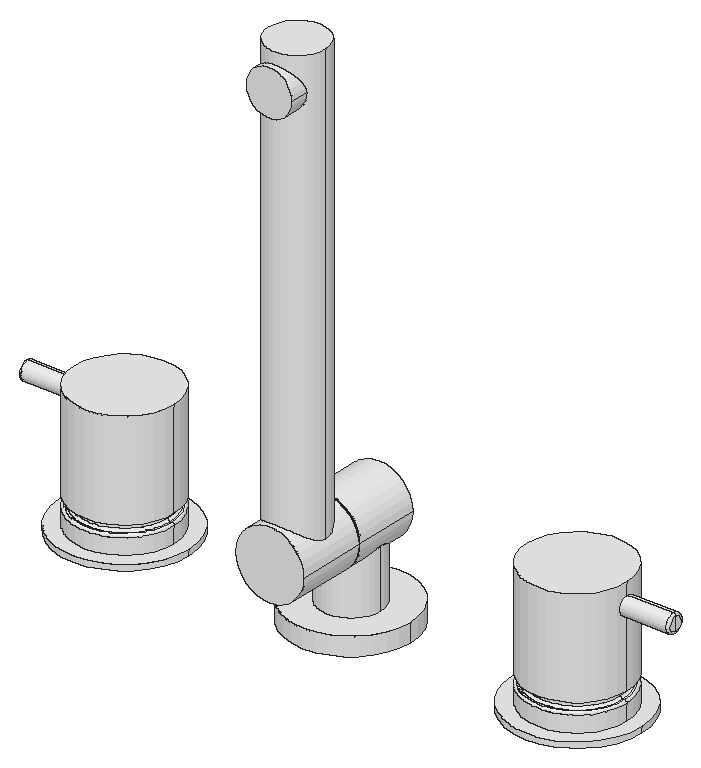
Revit family "Coolibah-contemporary-lever-laundry-set-90331C4A", category Plumbing Fixtures, host Face, Revit 2015
Parameters (values of type "Coolibah-contemporary-lever-laundry-set-90331C4A")
  Waste Connection = no
  Vent Connection = no
  URL = "https://www.caroma.com.au/"
  Model = "90331C4A"
  Material_Base = GWA_Metal-Chrome
  Manufacturer = "GWA Bathrooms & Kitchens"  # constant formula
  HW Connection = yes
  Description = "Coolibah-contemporary-lever-laundry-set"
  Default Elevation = 900 mm
  CreatedBy_ANZRS = "GWA Bathrooms & Kitchens"  # constant formula
  CW Connection = yes
  Assembly Code = "D2010710"
Reference planes
  plane 1 "Center (Front/Back)": y = 0
  plane 2: z = 0
  plane 3 "Center (Left/Right)": x = 0
  plane 4: x = -100
  plane 5: x = 100
  plane 6 "Handles": y = 0
Forms (mm)
  Revolve 1, solid, material "GWA_Metal-Chrome" <- "Material_Base"
    sketch origin (0, 0, 0) x (1, 0, 0) y (0, 0, 1)
      loop
        line (-100, 2.5) -> (-100, 14.5) -> (-119, 14.5) -> (-119, 11.5)
        arc (-119, 11.5) -> (-119.293, 10.793) -> (-120, 10.5) r 1
        line (-120, 10.5) -> (-121, 10.5)
        arc (-121, 10.5) -> (-121.707, 10.207) -> (-122, 9.5) r 1
        line (-122, 9.5) -> (-122, 2.5) -> (-100, 2.5)
      axis (-100, 14.5) -> (-100, 2.5)
    angle from 0 to 360
  Extrusion 2, solid, material "GWA_Metal-Chrome" <- "Material_Base"
    sketch origin (0, 0, 0) x (1, 0, 0) y (0, 1, 0)
      loop
        circle (-100, 0) r 22
    from 14.5 to 57.5
  Revolve 3, solid, material "GWA_Metal-Chrome" <- "Material_Base"
    sketch origin (0, 0, 5.11) x (1, 0, 0) y (0, 0, 1)
      loop
        line (-115, 47.39) -> (-142.5, 47.39)
        arc (-142.5, 47.39) -> (-143.207, 47.098) -> (-143.5, 46.39) r 1
        line (-143.5, 46.39) -> (-143.5, 43.39) -> (-115, 43.39) -> (-115, 47.39)
      axis (-115, 43.39) -> (-143.5, 43.39)
    angle from 0 to 360
  Extrusion 4, solid, material "GWA_Metal-Chrome" <- "Material_Base"
    sketch origin (-50, 0, 0) x (1, 0, 0) y (0, 1, 0)
      loop
        circle (-50, 0) r 28.5
    from 0 to 2.5
  Revolve 5, solid, material "GWA_Metal-Chrome" <- "Material_Base"
    sketch origin (0, 0, 0) x (-1, 0, 0) y (0, 0, -1)
      loop
        line (-100, -2.5) -> (-122, -2.5) -> (-122, -9.5)
        arc (-122, -9.5) -> (-121.707, -10.207) -> (-121, -10.5) r 1
        line (-121, -10.5) -> (-120, -10.5)
        arc (-120, -10.5) -> (-119.293, -10.793) -> (-119, -11.5) r 1
        line (-119, -11.5) -> (-119, -14.5) -> (-100, -14.5) -> (-100, -2.5)
      axis (-100, -14.5) -> (-100, -2.5)
    angle from 0 to 360
  Extrusion 6, solid, material "GWA_Metal-Chrome" <- "Material_Base"
    sketch origin (0, 0, 0) x (-1, 0, 0) y (0, -1, 0)
      loop
        circle (-100, 0) r 22
    from 14.5 to 57.5
  Revolve 7, solid, material "GWA_Metal-Chrome" <- "Material_Base"
    sketch origin (0, 0, 5.11) x (-1, 0, 0) y (0, 0, -1)
      loop
        line (-115, -47.39) -> (-115, -43.39) -> (-143.5, -43.39) -> (-143.5, -46.39)
        arc (-143.5, -46.39) -> (-143.207, -47.098) -> (-142.5, -47.39) r 1
        line (-142.5, -47.39) -> (-115, -47.39)
      axis (-115, -43.39) -> (-143.5, -43.39)
    angle from 0 to 360
  Extrusion 8, solid, material "GWA_Metal-Chrome" <- "Material_Base"
    sketch origin (50, 0, 0) x (-1, 0, 0) y (0, -1, 0)
      loop
        circle (-50, 0) r 28.5
    from 0 to 2.5
  Extrusion 9, solid, material "GWA_Metal-Chrome" <- "Material_Base"
    sketch origin (0, 0, 0) x (1, 0, 0) y (0, 1, 0)
      loop
        circle (0, 0) r 26.4
    from 0 to 8
  Extrusion 10, solid, material "GWA_Metal-Chrome" <- "Material_Base"
    sketch origin (0, 0, 0) x (1, 0, 0) y (0, 1, 0)
      loop
        circle (0, 0) r 13.3
    from 8 to 36.125
  Extrusion 11, solid, material "GWA_Metal-Chrome" <- "Material_Base"
    sketch origin (0, 0, 0) x (1, 0, 0) y (0, 0, 1)
      loop
        circle (0, 41) r 15
    from -15.4 to 13.6
  Extrusion 12, solid, material "GWA_Metal-Chrome" <- "Material_Base"
    sketch origin (0, 0, 0) x (1, 0, 0) y (0, 0, 1)
      loop
        circle (0, 41) r 15
    from 14.6 to 44.6
  Extrusion 13, solid, material "GWA_Metal-Chrome" <- "Material_Base"
    sketch origin (0, 0, 0) x (1, 0, 0) y (0, 0, 1)
      loop
        circle (0, 41) r 14.5
    from 13.6 to 14.6
  Extrusion 14, solid, material "GWA_Metal-Chrome" <- "Material_Base"
    sketch origin (0, 5.4, 0) x (1, 0, 0) y (0, 1, 0)
      loop
        circle (0, -35) r 12.5
    from 41 to 243
  Extrusion 15, solid, material "GWA_Metal-Chrome" <- "Material_Base"
    sketch origin (0, 0, 0) x (1, 0, 0) y (0, 0, 1)
      loop
        circle (0, 228) r 10
    from 29.6 to 45
Lines and regions (mm)
  Masking region 1
    outline origin (0, 0, 0) x (1, 0, 0) y (0, 1, 0)
      loop
        arc (15, -21.725) -> (23.377, -12.267) -> (26.4, 0) r 26.4
        arc (26.4, 0) -> (0, 26.4) -> (-26.4, 0) r 26.4
        arc (-26.4, 0) -> (-23.377, -12.267) -> (-15, -21.725) r 26.4
        line (-15, -21.725) -> (-15, -44.6) -> (15, -44.6) -> (15, -21.725)
  Masking region 2
    outline origin (0, 0, 0) x (1, 0, 0) y (0, 0, 1)
      loop
        line (-78, 57.5) -> (-122, 57.5) -> (-122, 52.5) -> (-142.5, 52.5)
        arc (-142.5, 52.5) -> (-143.207, 52.207) -> (-143.5, 51.5) r 1
        line (-143.5, 51.5) -> (-143.5, 45.5)
        arc (-143.5, 45.5) -> (-143.207, 44.793) -> (-142.5, 44.5) r 1
        line (-142.5, 44.5) -> (-122, 44.5) -> (-122, 14.5) -> (-119, 14.5) -> (-119, 11.5)
        arc (-119, 11.5) -> (-119.293, 10.793) -> (-120, 10.5) r 1
        line (-120, 10.5) -> (-121, 10.5)
        arc (-121, 10.5) -> (-121.707, 10.207) -> (-122, 9.5) r 1
        line (-122, 9.5) -> (-122, 2.5) -> (-128.5, 2.5) -> (-128.5, 0) -> (-71.5, 0) -> (-71.5, 2.5) -> (-78, 2.5) -> (-78, 9.5)
        arc (-78, 9.5) -> (-78.293, 10.207) -> (-79, 10.5) r 1
        line (-79, 10.5) -> (-80, 10.5)
        arc (-80, 10.5) -> (-80.707, 10.793) -> (-81, 11.5) r 1
        line (-81, 11.5) -> (-81, 14.5) -> (-78, 14.5) -> (-78, 57.5)
  Masking region 3
    outline origin (0, 0, 0) x (-1, 0, 0) y (0, 0, -1)
      loop
        line (-78, -57.5) -> (-78, -14.5) -> (-81, -14.5) -> (-81, -11.5)
        arc (-81, -11.5) -> (-80.707, -10.793) -> (-80, -10.5) r 1
        line (-80, -10.5) -> (-79, -10.5)
        arc (-79, -10.5) -> (-78.293, -10.207) -> (-78, -9.5) r 1
        line (-78, -9.5) -> (-78, -2.5) -> (-71.5, -2.5) -> (-71.5, 0) -> (-128.5, 0) -> (-128.5, -2.5) -> (-122, -2.5) -> (-122, -9.5)
        arc (-122, -9.5) -> (-121.707, -10.207) -> (-121, -10.5) r 1
        line (-121, -10.5) -> (-120, -10.5)
        arc (-120, -10.5) -> (-119.293, -10.793) -> (-119, -11.5) r 1
        line (-119, -11.5) -> (-119, -14.5) -> (-122, -14.5) -> (-122, -44.5) -> (-142.5, -44.5)
        arc (-142.5, -44.5) -> (-143.207, -44.793) -> (-143.5, -45.5) r 1
        line (-143.5, -45.5) -> (-143.5, -51.5)
        arc (-143.5, -51.5) -> (-143.207, -52.207) -> (-142.5, -52.5) r 1
        line (-142.5, -52.5) -> (-122, -52.5) -> (-122, -57.5) -> (-78, -57.5)
  Masking region 4
    outline origin (0, 0, 0) x (1, 0, 0) y (0, 0, 1)
      loop
        line (-26.4, 8) -> (-26.4, 0) -> (26.4, 0) -> (26.4, 8) -> (13.3, 8) -> (13.3, 34.064)
        arc (13.3, 34.064) -> (14.569, 37.429) -> (15, 41) r 15
        arc (15, 41) -> (14.361, 45.33) -> (12.5, 49.292) r 15
        line (12.5, 49.292) -> (12.5, 243) -> (-12.5, 243) -> (-12.5, 49.292)
        arc (-12.5, 49.292) -> (-14.361, 45.33) -> (-15, 41) r 15
        arc (-15, 41) -> (-14.569, 37.429) -> (-13.3, 34.064) r 15
        line (-13.3, 34.064) -> (-13.3, 8) -> (-26.4, 8)
  Masking region 5
    outline origin (0, -120.023, 0) x (0, 1, 0) y (0, 0, 1)
      loop
        line (98.023, 57.5) -> (98.023, 14.5) -> (101.023, 14.5) -> (101.023, 11.5)
        arc (101.023, 11.5) -> (100.73, 10.793) -> (100.023, 10.5) r 1
        line (100.023, 10.5) -> (99.023, 10.5)
        arc (99.023, 10.5) -> (98.316, 10.207) -> (98.023, 9.5) r 1
        line (98.023, 9.5) -> (98.023, 8) -> (93.623, 8) -> (93.623, 2.5) -> (91.523, 2.5) -> (91.523, 0) -> (148.523, 0) -> (148.523, 2.5) -> (146.423, 2.5) -> (146.423, 8) -> (142.023, 8) -> (142.023, 9.5)
        arc (142.023, 9.5) -> (141.73, 10.207) -> (141.023, 10.5) r 1
        line (141.023, 10.5) -> (140.023, 10.5)
        arc (140.023, 10.5) -> (139.316, 10.793) -> (139.023, 11.5) r 1
        line (139.023, 11.5) -> (139.023, 14.5) -> (142.023, 14.5) -> (142.023, 57.5) -> (98.023, 57.5)
  Masking region 6
    outline origin (0, 0, 0) x (0, 1, 0) y (0, 0, 1)
      loop
        line (-44.6, 26) -> (-22, 26) -> (-22, 57.5) -> (-17.1, 57.5) -> (-17.1, 243) -> (-42.1, 243) -> (-42.1, 238) -> (-45, 238) -> (-45, 218) -> (-42.1, 218) -> (-42.1, 56) -> (-44.6, 56) -> (-44.6, 26)
  Masking region 7
    outline origin (0, 0, 0) x (-1, 0, 0) y (0, 0, -1)
      loop
        line (-78, -57.5) -> (-78, -14.5) -> (-81, -14.5) -> (-81, -11.5)
        arc (-81, -11.5) -> (-80.707, -10.793) -> (-80, -10.5) r 1
        line (-80, -10.5) -> (-79, -10.5)
        arc (-79, -10.5) -> (-78.293, -10.207) -> (-78, -9.5) r 1
        line (-78, -9.5) -> (-78, -2.5) -> (-71.5, -2.5) -> (-71.5, 0) -> (-128.5, 0) -> (-128.5, -2.5) -> (-122, -2.5) -> (-122, -9.5)
        arc (-122, -9.5) -> (-121.707, -10.207) -> (-121, -10.5) r 1
        line (-121, -10.5) -> (-120, -10.5)
        arc (-120, -10.5) -> (-119.293, -10.793) -> (-119, -11.5) r 1
        line (-119, -11.5) -> (-119, -14.5) -> (-122, -14.5) -> (-122, -44.5) -> (-142.5, -44.5)
        arc (-142.5, -44.5) -> (-143.207, -44.793) -> (-143.5, -45.5) r 1
        line (-143.5, -45.5) -> (-143.5, -51.5)
        arc (-143.5, -51.5) -> (-143.207, -52.207) -> (-142.5, -52.5) r 1
        line (-142.5, -52.5) -> (-122, -52.5) -> (-122, -57.5) -> (-78, -57.5)
  Masking region 8
    outline origin (0, 0, 0) x (-1, 0, 0) y (0, -1, 0)
      loop
        line (-128.218, 4) -> (-142.5, 4)
        arc (-142.5, 4) -> (-143.207, 3.707) -> (-143.5, 3) r 1
        line (-143.5, 3) -> (-143.5, -3)
        arc (-143.5, -3) -> (-143.207, -3.707) -> (-142.5, -4) r 1
        line (-142.5, -4) -> (-128.218, -4)
        arc (-128.218, -4) -> (-71.5, 0) -> (-128.218, 4) r 28.5
  Masking region 9
    outline origin (0, 0, 0) x (1, 0, 0) y (0, 1, 0)
      loop
        arc (-128.218, -4) -> (-71.5, 0) -> (-128.218, 4) r 28.5
        line (-128.218, 4) -> (-142.5, 4)
        arc (-142.5, 4) -> (-143.207, 3.707) -> (-143.5, 3) r 1
        line (-143.5, 3) -> (-143.5, -3)
        arc (-143.5, -3) -> (-143.207, -3.707) -> (-142.5, -4) r 1
        line (-142.5, -4) -> (-128.218, -4)
  symbolic lines
    curve 1: line (-15, -44.6, 0) -> (15, -44.6, 0)
    curve 2: line (-10, -44.6, 0) -> (-10, -37.1, 0)
    curve 3: line (10, -44.6, 0) -> (10, -37.1, 0)
    curve 4: line (15, -44.6, 0) -> (15, -14.6, 0)
    curve 5: line (15, -14.6, 0) -> (-15, -14.6, 0)
    curve 6: line (-15, -14.6, 0) -> (-15, -44.6, 0)
    curve 7: line (-15, 15.4, 0) -> (15, 15.4, 0)
    curve 8: line (15, 15.4, 0) -> (15, -13.6, 0)
    curve 9: line (-15, -13.6, 0) -> (15, -13.6, 0)
    curve 10: line (-15, -13.6, 0) -> (-15, 15.4, 0)
    curve 11: line (-14.5, -13.6, 0) -> (-14.5, -14.6, 0)
    curve 12: line (14.5, -13.6, 0) -> (14.5, -14.6, 0)
    curve 13: arc (26.4, 0, 0) -> (0, 26.4, 0) -> (-26.4, 0, 0) r 26.4
    curve 14: arc (-26.4, 0, 0) -> (-23.377, -12.267, 0) -> (-15, -21.725, 0) r 26.4
    curve 15: arc (15, -21.725, 0) -> (23.377, -12.267, 0) -> (26.4, 0, 0) r 26.4
    curve 16: circle (0, -29.6, 0) r 12.5 normal (0, 0, 1)
    curve 17: line (-122, 0, 57.5) -> (-78, 0, 57.5)
    curve 18: line (-78, 0, 57.5) -> (-78, 0, 14.5)
    curve 19: line (-122, 0, 14.5) -> (-122, 0, 44.5)
    curve 20: line (-143.5, 0, 51.5) -> (-143.5, 0, 45.5)
    curve 21: line (-122, 0, 44.5) -> (-142.5, 0, 44.5)
    curve 22: line (-122, 0, 52.5) -> (-142.5, 0, 52.5)
    curve 23: line (-128.5, 0, 0) -> (-128.5, 0, 2.5)
    curve 24: line (-128.5, 0, 2.5) -> (-71.5, 0, 2.5)
    curve 25: line (-71.5, 0, 2.5) -> (-71.5, 0, 0)
    curve 26: line (-71.5, 0, 0) -> (-128.5, 0, 0)
    curve 27: line (-122, 0, 2.5) -> (-122, 0, 9.5)
    curve 28: line (-78, 0, 2.5) -> (-78, 0, 9.5)
    curve 29: line (-81, 0, 14.5) -> (-81, 0, 11.5)
    curve 30: line (-119, 0, 14.5) -> (-119, 0, 11.5)
    curve 31: line (-79, 0, 10.5) -> (-80, 0, 10.5)
    curve 32: line (-122, 0, 14.5) -> (-78, 0, 14.5)
    curve 33: line (-120, 0, 10.5) -> (-121, 0, 10.5)
    curve 34: arc (-122, 0, 9.5) -> (-121.707, 0, 10.207) -> (-121, 0, 10.5) r 1
    curve 35: arc (-120, 0, 10.5) -> (-119.293, 0, 10.793) -> (-119, 0, 11.5) r 1
    curve 36: arc (-81, 0, 11.5) -> (-80.707, 0, 10.793) -> (-80, 0, 10.5) r 1
    curve 37: arc (-79, 0, 10.5) -> (-78.293, 0, 10.207) -> (-78, 0, 9.5) r 1
    curve 38: line (-80, 0, 10.5) -> (-120, 0, 10.5)
    curve 39: arc (-142.5, 0, 52.5) -> (-143.207, 0, 52.207) -> (-143.5, 0, 51.5) r 1
    curve 40: arc (-143.5, 0, 45.5) -> (-143.207, 0, 44.793) -> (-142.5, 0, 44.5) r 1
    curve 41: line (-122, 0, 52.5) -> (-122, 0, 57.5)
    curve 42: arc (-122, 0, 52.5) -> (-120.623, 0, 48.5) -> (-122, 0, 44.5) r 6.5
    curve 43: line (122, 0, 57.5) -> (78, 0, 57.5)
    curve 44: line (78, 0, 57.5) -> (78, 0, 14.5)
    curve 45: line (122, 0, 14.5) -> (122, 0, 44.5)
    curve 46: line (143.5, 0, 51.5) -> (143.5, 0, 45.5)
    curve 47: line (122, 0, 44.5) -> (142.5, 0, 44.5)
    curve 48: line (122, 0, 52.5) -> (142.5, 0, 52.5)
    curve 49: line (128.5, 0, 0) -> (128.5, 0, 2.5)
    curve 50: line (128.5, 0, 2.5) -> (71.5, 0, 2.5)
    curve 51: line (71.5, 0, 2.5) -> (71.5, 0, 0)
    curve 52: line (71.5, 0, 0) -> (128.5, 0, 0)
    curve 53: line (122, 0, 2.5) -> (122, 0, 9.5)
    curve 54: line (78, 0, 2.5) -> (78, 0, 9.5)
    curve 55: line (81, 0, 14.5) -> (81, 0, 11.5)
    curve 56: line (119, 0, 14.5) -> (119, 0, 11.5)
    curve 57: line (79, 0, 10.5) -> (80, 0, 10.5)
    curve 58: line (122, 0, 14.5) -> (78, 0, 14.5)
    curve 59: line (120, 0, 10.5) -> (121, 0, 10.5)
    curve 60: arc (122, 0, 9.5) -> (121.707, 0, 10.207) -> (121, 0, 10.5) r 1
    curve 61: arc (120, 0, 10.5) -> (119.293, 0, 10.793) -> (119, 0, 11.5) r 1
    curve 62: arc (81, 0, 11.5) -> (80.707, 0, 10.793) -> (80, 0, 10.5) r 1
    curve 63: arc (79, 0, 10.5) -> (78.293, 0, 10.207) -> (78, 0, 9.5) r 1
    curve 64: line (80, 0, 10.5) -> (120, 0, 10.5)
    curve 65: arc (142.5, 0, 52.5) -> (143.207, 0, 52.207) -> (143.5, 0, 51.5) r 1
    curve 66: arc (143.5, 0, 45.5) -> (143.207, 0, 44.793) -> (142.5, 0, 44.5) r 1
    curve 67: line (122, 0, 52.5) -> (122, 0, 57.5)
    curve 68: arc (122, 0, 52.5) -> (120.623, 0, 48.5) -> (122, 0, 44.5) r 6.5
    curve 69: arc (15, 0, 41) -> (0, 0, 56) -> (-15, 0, 41) r 15
    curve 70: arc (-15, 0, 41) -> (0, 0, 26) -> (15, 0, 41) r 15
    curve 71: line (26.4, 0, 8) -> (-26.4, 0, 8)
    curve 72: line (26.4, 0, 8) -> (26.4, 0, 0)
    curve 73: line (-26.4, 0, 8) -> (-26.4, 0, 0)
    curve 74: line (-13.3, 0, 8) -> (-13.3, 0, 34.064)
    curve 75: line (13.3, 0, 8) -> (13.3, 0, 34.064)
    curve 76: line (12.5, 0, 49.292) -> (12.5, 0, 243)
    curve 77: line (12.5, 0, 243) -> (-12.5, 0, 243)
    curve 78: line (-12.5, 0, 243) -> (-12.5, 0, 49.292)
    curve 79: line (26.4, 0, 0) -> (-26.4, 0, 0)
    curve 80: line (0, -28.5, 0) -> (0, -28.5, 2.5)
    curve 81: line (0, -28.5, 2.5) -> (0, 28.5, 2.5)
    curve 82: line (0, 28.5, 2.5) -> (0, 28.5, 0)
    curve 83: line (0, 28.5, 0) -> (0, -28.5, 0)
    curve 84: line (0, -22, 14.5) -> (0, -22, 57.5)
    curve 85: line (0, -22, 57.5) -> (0, 22, 57.5)
    curve 86: line (0, 22, 57.5) -> (0, 22, 14.5)
    curve 87: line (0, -22, 9.5) -> (0, -22, 2.5)
    curve 88: line (0, -20, 10.5) -> (0, -21, 10.5)
    curve 89: line (0, -22, 14.5) -> (0, 22, 14.5)
    curve 90: line (0, 22, 9.5) -> (0, 22, 2.5)
    curve 91: arc (0, -22, 9.5) -> (0, -21.707, 10.207) -> (0, -21, 10.5) r 1
    curve 92: line (0, -19, 11.5) -> (0, -19, 14.5)
    curve 93: arc (0, -20, 10.5) -> (0, -19.293, 10.793) -> (0, -19, 11.5) r 1
    curve 94: line (0, 20, 10.5) -> (0, 21, 10.5)
    curve 95: arc (0, 22, 9.5) -> (0, 21.707, 10.207) -> (0, 21, 10.5) r 1
    curve 96: line (0, 19, 11.5) -> (0, 19, 14.5)
    curve 97: arc (0, 20, 10.5) -> (0, 19.293, 10.793) -> (0, 19, 11.5) r 1
    curve 98: line (0, -20, 10.5) -> (0, 20, 10.5)
    curve 99: circle (0, 0, 48.5) r 4 normal (1, 0, 0)
    curve 100: line (0, 26.4, 8) -> (0, 22, 8)
    curve 101: line (0, -26.4, 8) -> (0, -26.4, 2.5)
    curve 102: line (0, 26.4, 8) -> (0, 26.4, 2.5)
    curve 103: line (0, -22, 8) -> (0, -26.4, 8)
    curve 104: line (0, -42.1, 243) -> (0, -17.1, 243)
    curve 105: line (0, -17.1, 243) -> (0, -17.1, 57.5)
    curve 106: line (0, -17.1, 57.5) -> (0, -22, 57.5)
    curve 107: line (0, -22, 57.5) -> (0, -22, 26)
    curve 108: line (0, -22, 26) -> (0, -44.6, 26)
    curve 109: line (0, -44.6, 26) -> (0, -44.6, 56)
    curve 110: line (0, -44.6, 56) -> (0, -42.1, 56)
    curve 111: line (0, -42.1, 56) -> (0, -42.1, 218)
    curve 112: line (0, -45, 218) -> (0, -45, 238)
    curve 113: line (0, -45, 238) -> (0, -42.1, 238)
    curve 114: line (0, -42.1, 243) -> (0, -42.1, 218)
    curve 115: line (122, 0, 57.5) -> (78, 0, 57.5)
    curve 116: line (78, 0, 57.5) -> (78, 0, 14.5)
    curve 117: line (122, 0, 14.5) -> (122, 0, 44.5)
    curve 118: line (143.5, 0, 51.5) -> (143.5, 0, 45.5)
    curve 119: line (122, 0, 44.5) -> (142.5, 0, 44.5)
    curve 120: line (122, 0, 52.5) -> (142.5, 0, 52.5)
    curve 121: line (128.5, 0, 0) -> (128.5, 0, 2.5)
    curve 122: line (128.5, 0, 2.5) -> (71.5, 0, 2.5)
    curve 123: line (71.5, 0, 2.5) -> (71.5, 0, 0)
    curve 124: line (71.5, 0, 0) -> (128.5, 0, 0)
    curve 125: line (122, 0, 2.5) -> (122, 0, 9.5)
    curve 126: line (78, 0, 2.5) -> (78, 0, 9.5)
    curve 127: line (81, 0, 14.5) -> (81, 0, 11.5)
    curve 128: line (119, 0, 14.5) -> (119, 0, 11.5)
    curve 129: line (79, 0, 10.5) -> (80, 0, 10.5)
    curve 130: line (122, 0, 14.5) -> (78, 0, 14.5)
    curve 131: line (120, 0, 10.5) -> (121, 0, 10.5)
    curve 132: arc (122, 0, 9.5) -> (121.707, 0, 10.207) -> (121, 0, 10.5) r 1
    curve 133: arc (120, 0, 10.5) -> (119.293, 0, 10.793) -> (119, 0, 11.5) r 1
    curve 134: arc (81, 0, 11.5) -> (80.707, 0, 10.793) -> (80, 0, 10.5) r 1
    curve 135: arc (79, 0, 10.5) -> (78.293, 0, 10.207) -> (78, 0, 9.5) r 1
    curve 136: line (80, 0, 10.5) -> (120, 0, 10.5)
    curve 137: arc (142.5, 0, 52.5) -> (143.207, 0, 52.207) -> (143.5, 0, 51.5) r 1
    curve 138: arc (143.5, 0, 45.5) -> (143.207, 0, 44.793) -> (142.5, 0, 44.5) r 1
    curve 139: line (122, 0, 52.5) -> (122, 0, 57.5)
    curve 140: arc (122, 0, 52.5) -> (120.623, 0, 48.5) -> (122, 0, 44.5) r 6.5
    curve 141: circle (100, 0, 0) r 22 normal (0, 0, -1)
    curve 142: line (121.633, 4, 0) -> (142.5, 4, 0)
    curve 143: line (121.633, -4, 0) -> (142.5, -4, 0)
    curve 144: line (143.5, -3, 0) -> (143.5, 3, 0)
    curve 145: arc (143.5, -3, 0) -> (143.207, -3.707, 0) -> (142.5, -4, 0) r 1
    curve 146: arc (143.5, 3, 0) -> (143.207, 3.707, 0) -> (142.5, 4, 0) r 1
    curve 147: arc (128.218, -4, 0) -> (71.5, 0, 0) -> (128.218, 4, 0) r 28.5
    curve 148: circle (-100, 0, 0) r 22 normal (0, 0, 1)
    curve 149: line (-121.633, 4, 0) -> (-142.5, 4, 0)
    curve 150: line (-121.633, -4, 0) -> (-142.5, -4, 0)
    curve 151: line (-143.5, -3, 0) -> (-143.5, 3, 0)
    curve 152: arc (-143.5, -3, 0) -> (-143.207, -3.707, 0) -> (-142.5, -4, 0) r 1
    curve 153: arc (-143.5, 3, 0) -> (-143.207, 3.707, 0) -> (-142.5, 4, 0) r 1
    curve 154: arc (-128.218, -4, 0) -> (-71.5, 0, 0) -> (-128.218, 4, 0) r 28.5
Dimensions and locks
  aligned and locked: plane 2 to host face
  aligned and locked: level to host face
Connectors
  piping at (-100, 0, 0), diameter 20
    settings: index 7, connector inside diameter 609.6 mm, connector length 0 mm, flow factor 0, pipe flow 0.0 L/s, pressure drop 0.0 Pa, fitting loss kfactor 0, connector angle 0.00°, fixture units 0, engagement length 0 mm, angle of deflection 0.00°, flow configuration 3, flow direction 1, fitting loss method 0, system type 19, joint type 0, gender type 0, connector reference index -1, connector utility 0, adjustable connector no, is connector primary yes, connector description ""
  piping at (100, 0, 0), diameter 20
    settings: index 8, connector inside diameter 609.6 mm, connector length 0 mm, flow factor 0, pipe flow 0.0 L/s, pressure drop 0.0 Pa, fitting loss kfactor 0, connector angle 0.00°, fixture units 0, engagement length 0 mm, angle of deflection 0.00°, flow configuration 3, flow direction 1, fitting loss method 0, system type 20, joint type 0, gender type 0, connector reference index -1, connector utility 0, adjustable connector no, is connector primary no, connector description ""
